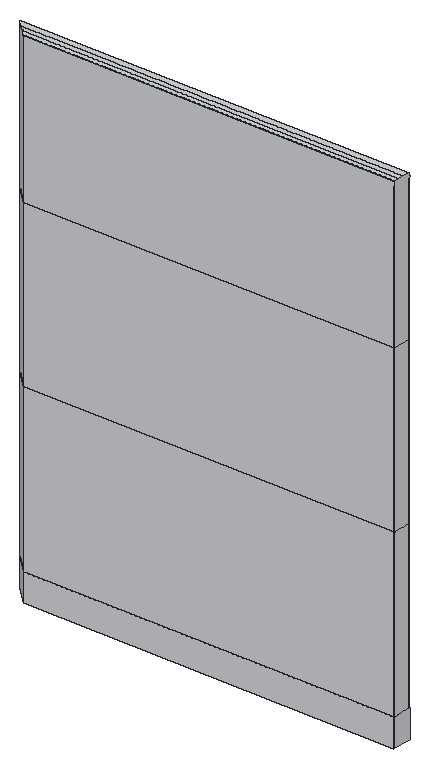
Revit family "GEN_A3-External-Facade-Bottom-Panel-25", category Curtain Panels, Revit 2016
Family settings
  OmniClass Number = 23.25.20.14.11.11.17
  OmniClass Title = Infill Panels
  Always vertical = Yes
  Cut with Voids When Loaded = No
  Shared = No
Parameters (values of type "External Facade")
  Panel Thickness = 200 mm
  Panel 6 Thickness [instance] = 200 mm
  Panel 6 [instance] = none
  Panel 5 Thickness [instance] = 200 mm
  Panel 5 [instance] = none
  Panel 4 Thickness [instance] = 200 mm
  Panel 4 [instance] = none
  Panel 3 [instance] = none
  Panel 2 [instance] = none
  Panel 1 Thickness [instance] = 200 mm
  Panel 1 [instance] = none
  Fill [instance] = none
  Assembly Code = ""
Reference planes
  plane 1 "Center (Front/Back)": y = 0
  plane 2: z = 0
  plane 3 "Center (Left/Right)": x = 0
  plane 4 "Left": x = -2000
  plane 5 "Right": x = 2000
  plane 6 "Top": z = 5300
  plane 7 "face": y = 100
  plane 8: y = -100
  plane 9: z = 300
  plane 10: z = 3770
  plane 11: x = 633.333
  plane 12: x = -733.333
  plane 13: x = 625.833
  plane 14: x = 640.833
  plane 15: x = -725.833
  plane 16: x = -740.833
  plane 17: z = 3777.5
  plane 18: z = 3762.5
  plane 19: z = 292.5
  plane 20: z = 307.5
  plane 21: z = 2035
  plane 22: z = 2042.5
  plane 23: z = 2027.5
  plane 24: x = -2100
  plane 25: x = -2080
  plane 26 "1": y = 100
  plane 27 "2": y = 100
  plane 28 "3": y = 100
  plane 29 "4": y = 100
  plane 30 "5": y = 100
  plane 31 "6": y = 100
Forms (mm)
  Extrusion 1, void
    sketch origin (0, 0, 0) x (1, 0, 0) y (0, 1, 0)
      loop
        line (-2100, 100) -> (-2100, -100) -> (-1900, -100) -> (-2080, 80) -> (-2080, 100) -> (-2100, 100)
    from 0 to 5345.87
  Extrusion 2, void
    sketch origin (0, 0, 0) x (1, 0, 0) y (0, 1, 0)
      loop
        line (1990, -100) -> (2000, -100) -> (2000, -90) -> (1990, -100)
    from 0 to 5300
  Extrusion 3, solid
    sketch origin (0, 0, 0) x (0, 1, 0) y (0, 0, 1)
      loop
        line (15, 5345.87) -> (-45, 5345.87) -> (-90, 5345.87) -> (-100, 5340) -> (-100, 3770) -> (85, 3770) -> (85, 3772.5) -> (100, 3777.5) -> (100, 5293.333) -> (85, 5345.87) -> (15, 5345.87)
    from -2100 to 2000
  Extrusion 4, solid
    sketch origin (0, 0, 0) x (0, 1, 0) y (0, 0, 1)
      loop
        line (-100, 2035) -> (85, 2035) -> (85, 2037.5) -> (100, 2042.5) -> (100, 3762.5) -> (85, 3767.5) -> (85, 3770) -> (-100, 3770) -> (-100, 2035)
    from -2100 to 2000
  Extrusion 5, solid
    sketch origin (0, 0, 0) x (0, 1, 0) y (0, 0, 1)
      loop
        line (-100, 300) -> (85, 300) -> (85, 302.5) -> (100, 307.5) -> (100, 2027.5) -> (85, 2032.5) -> (85, 2035) -> (-100, 2035) -> (-100, 300)
    from -2100 to 2000
  Extrusion 6, solid
    sketch origin (0, 0, 0) x (0, 1, 0) y (0, 0, 1)
      loop
        line (-100, 0) -> (100, 0) -> (100, 292.5) -> (85, 297.5) -> (85, 300) -> (-100, 300) -> (-100, 0)
    from -2100 to 2000
  Sweep 7, void
    path origin (1369.167, 100, 0) x (-1, 0, 0) y (0, 0, 1)
      loop
        line (-633.333, 3565) -> (-633.333, 5300)
    profile "Resess Profile : Resess Profile" origin (2002.5, 100, 4432.5) x (1, 0, 0) y (0, 1, 0)
      loop
        line (-7.5, 0) -> (-2.5, -15) -> (2.5, -15) -> (7.5, 0) -> (-7.5, 0)
  Sweep 8, void
    path origin (1369.167, 100, 0) x (-1, 0, 0) y (0, 0, 1)
      loop
        line (-633.333, 2035) -> (-633.333, 3770)
    profile "Resess Profile : Resess Profile" origin (2002.5, 100, 2902.5) x (1, 0, 0) y (0, 1, 0)
      loop
        line (-7.5, 0) -> (-2.5, -15) -> (2.5, -15) -> (7.5, 0) -> (-7.5, 0)
  Sweep 9, void
    path origin (1369.167, 100, 0) x (-1, 0, 0) y (0, 0, 1)
      loop
        line (-633.333, 300) -> (-633.333, 2035)
    profile "Resess Profile : Resess Profile" origin (2002.5, 100, 1167.5) x (1, 0, 0) y (0, 1, 0)
      loop
        line (-7.5, 0) -> (-2.5, -15) -> (2.5, -15) -> (7.5, 0) -> (-7.5, 0)
Cuts and joins
  Extrusion 1, Extrusion 2, Sweep 7 cuts Extrusion 3
  Extrusion 1, Extrusion 2, Sweep 8, Sweep 9 cuts Extrusion 4
  Extrusion 1, Extrusion 2, Sweep 9 cuts Extrusion 5
  Extrusion 1, Extrusion 2, Sweep 9 cuts Extrusion 6
Text (mm)
  text "Exterior" at (-2351.972, 1416.179, 0), in view "Ref. Level"
  text "Exterior" at (0, 2290.741, 4406.713), in view "Left"
  text "Exterior" at (0, 1328.187, 4120.349), in view "Right"
Dimensions and locks
  equal spacing: plane 4 "Left", plane 3 "Center (Left/Right)", plane 5 "Right"
  locked: plane 1 "Center (Front/Back)" to plane 8 at 100
  "Panel Thickness": plane 7 "face" to plane 8
  plane 4 "Left" to plane 5 "Right" = 4000 mm
  plane 2 to plane 6 "Top" = 5300 mm
  equal spacing: plane 24, plane 12, plane 11, plane 5 "Right"
  plane 19 to plane 9 to plane 20 = 7.5 mm locked, 7.5 mm locked
  locked: plane 2 to plane 9 at 300
  locked: plane 9 to plane 10 at 3470
  plane 18 to plane 10 to plane 17 = 7.5 mm locked, 7.5 mm locked
  plane 13 to plane 11 to plane 14 = 7.5 mm locked, 7.5 mm locked
  plane 16 to plane 12 to plane 15 = 7.5 mm locked, 7.5 mm locked
  equal spacing: plane 9, plane 21, plane 10
  plane 23 to plane 21 to plane 22 = 7.5 mm locked, 7.5 mm locked
  plane 4 "Left" to plane 3 "Center (Left/Right)" to plane 5 "Right" = 2000 mm, 2000 mm
  plane 24 to plane 25 to plane 4 "Left" = 20 mm locked, 80 mm locked
  "Panel 1 Thickness": plane 26 "1" to plane 8
  plane 27 "2" to plane 8 = 200 mm
  plane 28 "3" to plane 8 = 200 mm
  "Panel 4 Thickness": plane 29 "4" to plane 8
  "Panel 5 Thickness": plane 30 "5" to plane 8
  "Panel 6 Thickness": plane 31 "6" to plane 8
  locked: plane 31 "6" to Extrusion 6 sketch curve at 15
  locked: plane 26 "1" to Extrusion 3 sketch curve at 15
  locked: Extrusion 3 sketch curve to Extrusion 3 sketch curve at 15
  aligned and locked: level to plane 2
  aligned and locked: Extrusion 1 sketch curve to plane 7 "face"
  aligned and locked: Extrusion 1 sketch curve to plane 8
  aligned and locked: Extrusion 1 sketch curve to plane 24
  aligned and locked: Extrusion 1 sketch curve to plane 25
  aligned and locked: Extrusion 2 to plane 6 "Top"
  aligned and locked: Extrusion 4 sketch curve to plane 21
  aligned and locked: plane 10 to Extrusion 4 sketch curve
  aligned and locked: plane 29 "4" to Extrusion 4 sketch curve
  aligned and locked: Extrusion 5 sketch curve to plane 9
  aligned and locked: plane 21 to Extrusion 5 sketch curve
  aligned and locked: plane 30 "5" to Extrusion 5 sketch curve
  aligned and locked: plane 9 to Extrusion 6 sketch curve
  aligned and locked: plane 31 "6" to Extrusion 6 sketch curve
  aligned and locked: Extrusion 3 to plane 5 "Right"
  aligned and locked: Extrusion 4 to plane 5 "Right"
  aligned and locked: Extrusion 5 to plane 5 "Right"
  aligned and locked: Extrusion 6 to plane 5 "Right"
  aligned and locked: Extrusion 3 to plane 24
  aligned and locked: Extrusion 4 to plane 24
  aligned and locked: Extrusion 5 to plane 24
  aligned and locked: Extrusion 6 to plane 24
  aligned and locked: Extrusion 3 sketch curve to plane 26 "1"
  aligned and locked: Extrusion 3 sketch curve to plane 10
  aligned and locked: Extrusion 3 to Extrusion 1
Automatic sketch dimensions
  Extrusion 1 sketch curve to plane 4 "Left" = 100 mm
  Extrusion 1 sketch curve to Extrusion 1 sketch curve = 20 mm
  Extrusion 2 sketch curve to plane 8 = 0 mm
  Extrusion 2 sketch curve to plane 5 "Right" = 0 mm
  plane 5 "Right" to Extrusion 2 sketch curve = 10 mm
  Extrusion 2 sketch curve to Extrusion 2 sketch curve = 10 mm
  Extrusion 3 sketch curve to plane 8 = 0 mm
  Extrusion 3 sketch curve to plane 6 "Top" = 45.87 mm  (x2)
  plane 8 to Extrusion 3 sketch curve = 10 mm
  Extrusion 3 sketch curve to Extrusion 3 sketch curve = 45 mm
  Extrusion 3 sketch curve to plane 1 "Center (Front/Back)" = 15 mm
  Extrusion 3 sketch curve to Extrusion 3 sketch curve = 2.5 mm
  plane 6 "Top" to Extrusion 3 sketch curve = 6.667 mm
  Extrusion 3 sketch curve to plane 6 "Top" = 40 mm
  Extrusion 4 sketch curve to plane 8 = 0 mm
  Extrusion 4 sketch curve to plane 22 = 0 mm
  Extrusion 4 sketch curve to plane 18 = 0 mm
  Extrusion 4 sketch curve to plane 7 "face" = 15 mm  (x2)
  Extrusion 4 sketch curve to Extrusion 4 sketch curve = 2.5 mm
  Extrusion 4 sketch curve to plane 10 = 2.5 mm
  Extrusion 5 sketch curve to plane 8 = 0 mm
  Extrusion 5 sketch curve to plane 20 = 0 mm
  Extrusion 5 sketch curve to plane 23 = 0 mm
  Extrusion 5 sketch curve to plane 27 "2" = 15 mm  (x2)
  Extrusion 5 sketch curve to Extrusion 5 sketch curve = 2.5 mm
  Extrusion 5 sketch curve to plane 21 = 2.5 mm
  Extrusion 6 sketch curve to level = 0 mm
  Extrusion 6 sketch curve to plane 8 = 0 mm
  Extrusion 6 sketch curve to plane 19 = 0 mm
  Extrusion 6 sketch curve to plane 9 = 2.5 mm
  Sweep 7 sketch curve to plane 6 "Top" = 0 mm
  Sweep 7 sketch curve to plane 5 "Right" = 2.5 mm
  Sweep 8 sketch curve to plane 10 = 0 mm
  Sweep 8 sketch curve to plane 21 = 0 mm
  Sweep 8 sketch curve to plane 5 "Right" = 2.5 mm
  Sweep 9 sketch curve to plane 21 = 0 mm
  Sweep 9 sketch curve to plane 9 = 0 mm
  Sweep 9 sketch curve to plane 5 "Right" = 2.5 mm
  Extrusion 3 sketch curve to Extrusion 3 sketch curve = 5 mm
  plane 6 "Top" to Sweep 7 sketch curve = 1735 mm
